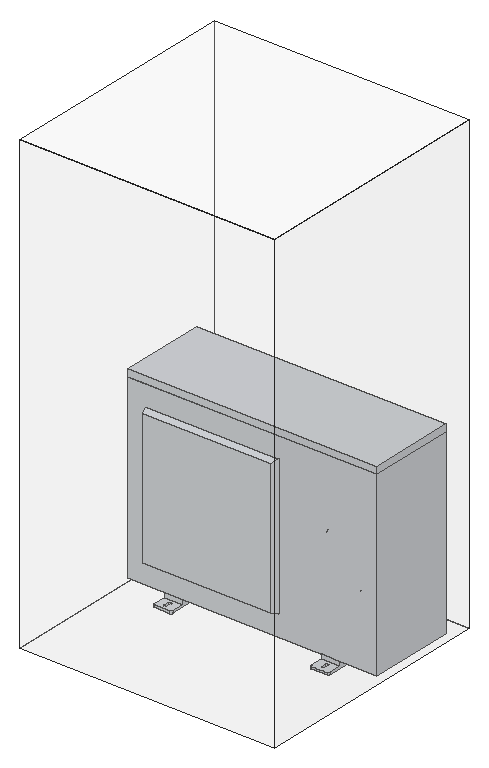
Revit family "puzg-mp3_10m_2_50hz", category 機械設備, Revit 2019
Family settings
  丸型コネクタ寸法 = 直径を使用
  パーツ タイプ = 標準
  OmniClass 番号 = 23.75.10.24.21.27.27
  OmniClass タイトル = Split System Air Conditioning Units
  作業面ベース = いいえ
  常に垂直 = はい
  ロード時にボイドで切り取り = いいえ
  共有 = いいえ
  部屋計算ポイント = いいえ
Parameters (values of type "室外機_PUG-MP3MHA2")
  音響パワーレベル（暖）(dB) = 0
  音響パワーレベル（冷）(dB) = 68
  電源種別 = ""
  電源位置Y = 2 mm
  電源位置Z = 459 mm
  電源位置X = 275 mm
  電圧 = 200 V
  電動機出力_送風機 = 0.15 kW
  電動機出力_圧縮機 = 2 kW
  集中コントローラ [instance] = ""
  運転質量 = 0.00 kg
  運転方法 = "冷房専用"
  質量 = if(製品質量 > 運転質量, 製品質量, 運転質量) * 1.2  # 70.80 kg
  負荷分類 = 1_熱源類
  説明 = "空冷H/P PAC インバータ室外機"
  設計暖房能力 [instance] = 0 kW
  設計冷房能力_顕熱 [instance] = 0 kW
  設計冷房能力 [instance] = 0 kW
  設置方法 = "床置形"
  記号 [instance] = ""
  製造元 = "三菱電機株式会社"
  製品質量 = 59.00 kg
  製品出荷対象 = "国内"
  製品リリース年月 = ""
  製品グループ = ""
  系統 [instance] = ""
  符号 = "PAC"
  積算_科目 = "1 空気調和設備"
  積算_拾い区分 [instance] = ""
  相 = 3
  盤記号 [instance] = ""
  発停方法 = "付属スイッチ"
  特殊仕様 [instance] = ""
  消費電力_暖房 = 0 kW
  消費電力_冷房 = 0 kW
  消費電力 = if(消費電力_冷房 > 消費電力_暖房, 消費電力_冷房, 消費電力_暖房)  # 0 kW
  法定耐用年数 = "6"
  構成品番 = "PUG-MP3MHA2"
  極数 = 3
  材質 [instance] = ""
  本体マテリアル = none
  最小電線太さ_mm2 = 1.6
  最大電流値 = 15 A
  暖房能力 = 0 kW
  推奨ブレーカー容量 = 20 A
  据付ピッチ1 = 0 mm
  形式 = "パッケージ形 室外機"
  形名 = PUZG-MP3MHA2 : PUZG-MP3MHA2
  幹線記号 [instance] = ""
  始動方式 = "インバータ始動方式"
  呼称 = "パッケージ形空気調和機_室外機"
  周波数 = 50 Hz
  価格 = 0
  ドレン　位置Z = 23 mm
  ドレン　位置Y = 111 mm
  ドレン　位置X = 30 mm
  アンカーボルト位置Y = 370 mm
  アンカーボルト位置X = 600 mm
  参照している仕様書等のバージョン = "公共建築物標準仕様書（機械設備工事編）平成31年度版"
  分類コード = "50053003126100"
  分類グループ = ""
  冷房能力 = 8 kW
  冷媒管（ガス）位置X = 434 mm
  冷媒管（液）位置X = 377 mm
  冷媒管（液）位置Y = 290 mm
  冷媒管（ガス）位置Y = 269 mm
  冷媒管長 [instance] = 0 mm
  冷媒管径符号 = "Bd"
  冷媒管径 = 100.00 mm
  冷媒管位置Z = 295 mm
  冷媒管位置Y = (冷媒管（液）位置Y + 冷媒管（ガス）位置Y) / 2  # 279.5 mm
  冷媒管位置X = (冷媒管（液）位置X + 冷媒管（ガス）位置X) / 2  # 405.5 mm
  冷媒液管径 = 9.52 mm
  冷媒ガス管径 = 15.88 mm
  企業コード = "108420"
  付属品 [instance] = ""
  仕様書バージョン = "Version1.0"
  ユニット数 = 1
  ユニット3 = yes
  ユニット2 = yes
  Model = ""
  ドレン管径 = 33.00 mm
  サービススペース = yes
  コメント [instance] = ""
  ケーブル種類1 = ""
  【値が 0 の項目は組合せ形名にてご確認ください】 = ""
  Width = 950 mm
  Version = ""
  Uniclass2015Version = "Systems v1.9"
  Uniclass2015Title = "Split coil remote air cooled condensing units"
  Uniclass2015Code = "Pr_70_65_03_84"
  URL = "https://www.mitsubishielectric.co.jp/ldg/wink/ssl/displayProduct.do?pid=311534&ccd=2020103123"
  SpecificationReference = ""
  SpecificationDescription = ""
  Revision = ""
  ProductInformation = ""
  OmniClassCode = "23-33 17 13 11"
  IfcTypeProduct = ""
  IfcProduct = ""
  IfcExportType = "AIRCONDITIONINGUNIT"
  IfcExportAs = "IfcUnitaryEquipmentType"
  Height = 740 mm
  Depth = 330 mm
  Clearance Top = 1000 mm
  Clearance Right = 10 mm
  Clearance Left = 10 mm
  Clearance Front = 500 mm
  Clearance Bottom = 0 mm
  Clearance Back = 100 mm
  COP = 0
  Author = "三菱電機株式会社"
  APF = 0
Reference planes
  plane 1 "中心(正面/背面)": y = 74
  plane 2: z = 0
  plane 3 "中心(左/右)": x = 830
  plane 4 "右": x = 1305
  plane 5 "左": x = 355
  plane 6 "背面": y = 239
  plane 7 "正面": y = -91
  plane 8 "上部": z = 740
  plane 9 "Clearanse Top": z = 1740
  plane 10 "SS_back": y = 339
  plane 11 "SS_front": y = -591
  plane 12 "SS_left": x = 345
  plane 13 "SS_right": x = 1315
  plane 14: z = 0
  plane 15: y = -89
  plane 16: x = 1105
  plane 17: z = 459
  plane 18: y = -87
  plane 19: y = -40.5
  plane 20: x = 1235.5
  plane 21: z = 295
  plane 22: z = 297
  plane 23: y = 128
  plane 24: x = 385
  plane 25: z = 25
  plane 26: z = 23
  plane 27: x = 530
  plane 28: x = 1130
  plane 29: y = 259
  plane 30: y = -111
Forms (mm)
  Extrusion 1, solid, detail levels fine
    sketch origin (0, -91, 0) x (1, 0, 0) y (0, 0, 1)
      loop
        circle (1105, 459) r 13.5
    from -4 to -2
  Extrusion 2, solid, detail levels fine
    sketch origin (-1437.329, -1524, 54) x (-1, 0, 0) y (0, -1, 0)
      loop
        circle (-2672.829, -1483.5) r 50
    from 241 to 243
Lines and regions (mm)
  model lines, not visible
    curve 1: line (460, 178.667, 1289.179) -> (460, 297.73, 1289.179)
    curve 2: line (460, 178.667, 1056.056) -> (460, 178.667, 1289.179)
    curve 3: line (460, 297.73, 1056.056) -> (460, 178.667, 1056.056)
    curve 4: line (460, 297.73, 1289.179) -> (460, 297.73, 1056.056)
    curve 5: line (460, 47.598, 1289.179) -> (460, 166.661, 1289.179)
    curve 6: line (460, 47.598, 1056.056) -> (460, 47.598, 1289.179)
    curve 7: line (460, 166.661, 1056.056) -> (460, 47.598, 1056.056)
    curve 8: line (460, 166.661, 1289.179) -> (460, 166.661, 1056.056)
    curve 9: line (460, -83.471, 1289.179) -> (460, 35.592, 1289.179)
    curve 10: line (460, -83.471, 1056.056) -> (460, -83.471, 1289.179)
    curve 11: line (460, 35.592, 1056.056) -> (460, -83.471, 1056.056)
    curve 12: line (460, 35.592, 1289.179) -> (460, 35.592, 1056.056)
    curve 13: line (460, -150.779, 1289.179) -> (460, -95.75, 1289.179)
    curve 14: line (460, -150.779, 1056.056) -> (460, -150.779, 1289.179)
    curve 15: line (460, -95.75, 1056.056) -> (460, -150.779, 1056.056)
    curve 16: line (460, -95.75, 1289.179) -> (460, -95.75, 1056.056)
    curve 17: line (460, -150.779, 1283.175) -> (460, -132.596, 1283.175)
    curve 18: line (460, -150.779, 1062.059) -> (460, -150.779, 1283.175)
    curve 19: line (460, -132.596, 1062.059) -> (460, -150.779, 1062.059)
    curve 20: line (460, -132.596, 1283.175) -> (460, -132.596, 1062.059)
    curve 21: line (460, 178.667, 1046.051) -> (460, 297.73, 1046.051)
    curve 22: line (460, 178.667, 812.928) -> (460, 178.667, 1046.051)
    curve 23: line (460, 297.73, 812.928) -> (460, 178.667, 812.928)
    curve 24: line (460, 297.73, 1046.051) -> (460, 297.73, 812.928)
    curve 25: line (460, 47.598, 1046.051) -> (460, 166.661, 1046.051)
    curve 26: line (460, 47.598, 812.928) -> (460, 47.598, 1046.051)
    curve 27: line (460, 166.661, 812.928) -> (460, 47.598, 812.928)
    curve 28: line (460, 166.661, 1046.051) -> (460, 166.661, 812.928)
    curve 29: line (460, -83.471, 1046.051) -> (460, 35.592, 1046.051)
    curve 30: line (460, -83.471, 812.928) -> (460, -83.471, 1046.051)
    curve 31: line (460, 35.592, 812.928) -> (460, -83.471, 812.928)
    curve 32: line (460, 35.592, 1046.051) -> (460, 35.592, 812.928)
    curve 33: line (460, -150.779, 1046.051) -> (460, -95.75, 1046.051)
    curve 34: line (460, -150.779, 812.928) -> (460, -150.779, 1046.051)
    curve 35: line (460, -95.75, 812.928) -> (460, -150.779, 812.928)
    curve 36: line (460, -95.75, 1046.051) -> (460, -95.75, 812.928)
    curve 37: line (460, -150.779, 1040.048) -> (460, -132.596, 1040.048)
    curve 38: line (460, -150.779, 818.931) -> (460, -150.779, 1040.048)
    curve 39: line (460, -132.596, 818.931) -> (460, -150.779, 818.931)
    curve 40: line (460, -132.596, 1040.048) -> (460, -132.596, 818.931)
    curve 41: line (460, 178.667, 802.923) -> (460, 297.73, 802.923)
    curve 42: line (460, 178.667, 569.8) -> (460, 178.667, 802.923)
    curve 43: line (460, 297.73, 569.8) -> (460, 178.667, 569.8)
    curve 44: line (460, 297.73, 802.923) -> (460, 297.73, 569.8)
    curve 45: line (460, 47.598, 802.923) -> (460, 166.661, 802.923)
    curve 46: line (460, 47.598, 569.8) -> (460, 47.598, 802.923)
    curve 47: line (460, 166.661, 569.8) -> (460, 47.598, 569.8)
    curve 48: line (460, 166.661, 802.923) -> (460, 166.661, 569.8)
    curve 49: line (460, -83.471, 802.923) -> (460, 35.592, 802.923)
    curve 50: line (460, -83.471, 569.8) -> (460, -83.471, 802.923)
    curve 51: line (460, 35.592, 569.8) -> (460, -83.471, 569.8)
    curve 52: line (460, 35.592, 802.923) -> (460, 35.592, 569.8)
    curve 53: line (460, -150.779, 802.923) -> (460, -95.75, 802.923)
    curve 54: line (460, -150.779, 569.8) -> (460, -150.779, 802.923)
    curve 55: line (460, -95.75, 569.8) -> (460, -150.779, 569.8)
    curve 56: line (460, -95.75, 802.923) -> (460, -95.75, 569.8)
    curve 57: line (460, -150.779, 796.92) -> (460, -132.596, 796.92)
    curve 58: line (460, -150.779, 575.803) -> (460, -150.779, 796.92)
    curve 59: line (460, -132.596, 575.803) -> (460, -150.779, 575.803)
    curve 60: line (460, -132.596, 796.92) -> (460, -132.596, 575.803)
    curve 61: line (460, 178.667, 559.795) -> (460, 297.73, 559.795)
    curve 62: line (460, 178.667, 326.672) -> (460, 178.667, 559.795)
    curve 63: line (460, 297.73, 326.672) -> (460, 178.667, 326.672)
    curve 64: line (460, 297.73, 559.795) -> (460, 297.73, 326.672)
    curve 65: line (460, 47.598, 559.795) -> (460, 166.661, 559.795)
    curve 66: line (460, 47.598, 326.672) -> (460, 47.598, 559.795)
    curve 67: line (460, 166.661, 326.672) -> (460, 47.598, 326.672)
    curve 68: line (460, 166.661, 559.795) -> (460, 166.661, 326.672)
    curve 69: line (460, -83.471, 559.795) -> (460, 35.592, 559.795)
    curve 70: line (460, -83.471, 326.672) -> (460, -83.471, 559.795)
    curve 71: line (460, 35.592, 326.672) -> (460, -83.471, 326.672)
    curve 72: line (460, 35.592, 559.795) -> (460, 35.592, 326.672)
    curve 73: line (460, -150.779, 559.795) -> (460, -95.75, 559.795)
    curve 74: line (460, -150.779, 326.672) -> (460, -150.779, 559.795)
    curve 75: line (460, -95.75, 326.672) -> (460, -150.779, 326.672)
    curve 76: line (460, -95.75, 559.795) -> (460, -95.75, 326.672)
    curve 77: line (460, -150.779, 553.792) -> (460, -132.596, 553.792)
    curve 78: line (460, -150.779, 332.675) -> (460, -150.779, 553.792)
    curve 79: line (460, -132.596, 332.675) -> (460, -150.779, 332.675)
    curve 80: line (460, -132.596, 553.792) -> (460, -132.596, 332.675)
    curve 81: line (460, 178.667, 316.667) -> (460, 297.73, 316.667)
    curve 82: line (460, 178.667, 83.544) -> (460, 178.667, 316.667)
    curve 83: line (460, 297.73, 83.544) -> (460, 178.667, 83.544)
    curve 84: line (460, 297.73, 316.667) -> (460, 297.73, 83.544)
    curve 85: line (460, 47.598, 316.667) -> (460, 166.661, 316.667)
    curve 86: line (460, 47.598, 83.544) -> (460, 47.598, 316.667)
    curve 87: line (460, 166.661, 83.544) -> (460, 47.598, 83.544)
    curve 88: line (460, 166.661, 316.667) -> (460, 166.661, 83.544)
    curve 89: line (460, -83.471, 316.667) -> (460, 35.592, 316.667)
    curve 90: line (460, -83.471, 83.544) -> (460, -83.471, 316.667)
    curve 91: line (460, 35.592, 83.544) -> (460, -83.471, 83.544)
    curve 92: line (460, 35.592, 316.667) -> (460, 35.592, 83.544)
    curve 93: line (460, -150.779, 316.667) -> (460, -95.75, 316.667)
    curve 94: line (460, -150.779, 83.544) -> (460, -150.779, 316.667)
    curve 95: line (460, -95.75, 83.544) -> (460, -150.779, 83.544)
    curve 96: line (460, -95.75, 316.667) -> (460, -95.75, 83.544)
    curve 97: line (460, -150.779, 310.664) -> (460, -132.596, 310.664)
    curve 98: line (460, -150.779, 89.547) -> (460, -150.779, 310.664)
    curve 99: line (460, -132.596, 89.547) -> (460, -150.779, 89.547)
    curve 100: line (460, -132.596, 310.664) -> (460, -132.596, 89.547)
Dimensions and locks
  equal spacing: plane 7 "正面", plane 1 "中心(正面/背面)", plane 6 "背面"
  "Depth": plane 7 "正面" to plane 6 "背面"
  equal spacing: plane 5 "左", plane 3 "中心(左/右)", plane 4 "右"
  "Clearance Left": plane 12 "SS_left" to plane 5 "左"
  "Clearance Right": plane 4 "右" to plane 13 "SS_right"
  "Clearance Back": plane 6 "背面" to plane 10 "SS_back"
  "Clearance Front": plane 11 "SS_front" to plane 7 "正面"
  "Height": plane 8 "上部" to level
  "Clearance Top": plane 9 "Clearanse Top" to plane 8 "上部"
  "Clearance Bottom": level to plane 14
  "電源位置X": plane 3 "中心(左/右)" to plane 16
  "電源位置Y": plane 7 "正面" to plane 15
  "電源位置Z": plane 17 to level
  locked: plane 15 to plane 18 at 2
  "冷媒管位置X": plane 3 "中心(左/右)" to plane 20
  "冷媒管位置Y": plane 19 to plane 6 "背面"
  "冷媒管位置Z": plane 21 to level
  locked: plane 22 to plane 21 at 2
  "ドレン　位置X": plane 5 "左" to plane 24
  "ドレン　位置Y": plane 23 to plane 6 "背面"
  locked: plane 25 to plane 26 at 2
  "ドレン　位置Z": plane 26 to level
  equal spacing: plane 30, plane 1 "中心(正面/背面)", plane 29
  "アンカーボルト位置Y": plane 30 to plane 29
  equal spacing: plane 27, plane 3 "中心(左/右)", plane 28
  "アンカーボルト位置X": plane 27 to plane 28
  "Width": plane 4 "右" to plane 5 "左"
  plane 17 to level = 459 mm
  Extrusion 2 to level = 295 mm
  radius of Extrusion 1 sketch curve = 13.5 mm
  "冷媒管径": diameter of Extrusion 2 sketch curve
  aligned and locked: level to plane 2
  aligned and locked: plane 10 "SS_back" to nested 1  (x2)
  aligned and locked: plane 13 "SS_right" to nested 1
  aligned and locked: plane 12 "SS_left" to nested 1  (x2)
  aligned and locked: nested 1 to plane 13 "SS_right"
  aligned and locked: plane 11 "SS_front" to nested 1
  aligned and locked: plane 9 "Clearanse Top" to nested 1
  aligned and locked: plane 1 "中心(正面/背面)" to nested 2
  aligned and locked: plane 3 "中心(左/右)" to nested 2
  aligned and locked: plane 14 to nested 1
  aligned and locked: plane 17 to Extrusion 1 sketch curve
  aligned and locked: plane 16 to Extrusion 1 sketch curve
  aligned and locked: Extrusion 1 to plane 18
  aligned and locked: plane 15 to Extrusion 1
  aligned and locked: plane 19 to Extrusion 2 sketch curve
  aligned and locked: plane 20 to Extrusion 2 sketch curve
  aligned and locked: plane 22 to Extrusion 2
  aligned and locked: Extrusion 2 to plane 21
  aligned and locked: plane 27 to nested 3
  aligned and locked: plane 29 to nested 3
Nested families
  nested 1: "サービススペース" at (830, -126, 870), visible <- "サービススペース", type "サービススペース"
    with Width 970 mm, Height 1740 mm, Depth 930 mm
  nested 2: "PUZG-MP3MHA2" at (830, 74, 0), type <- "形名", type "PUZG-MP3MHA2"
  nested 3: "固定点" at (530, -111, 0), type "固定点"
    with W 600 mm, D 370 mm
Connectors
  piping at (1235.5, -40.5, 295), diameter 100, driven by "冷媒管径", driven by "冷媒管径符号"
    settings: on Extrusion 2, index 1, connector inside diameter 609.60 mm, connector length 0 mm, flow factor 0, pipe flow 0.0 L/s, pressure drop 0.0 Pa, fitting loss kfactor 0, connector angle 0.00°, fixture units 0, engagement length 0 mm, angle of deflection 0.00°, flow configuration 1, flow direction 2, fitting loss method 4, system type 7, joint type 0, gender type 0, connector reference index -1, connector utility 0, adjustable connector no, is connector primary yes, connector description "Bd"
  electrical at (1105, -89, 459), driven by "極数", driven by "負荷分類", driven by "電圧", driven by "消費電力"
    settings: on Extrusion 1, index 2, voltage 200 V, apparent load 0 VA, apparent load phase1 0 VA, apparent load phase2 0 VA, apparent load phase3 0 VA, power factor 1, load classification "1_熱源類", number of poles 3, system type 30, power factor state 1, is connector primary yes, connector utility no, sub classification motor no, connector description ""
Definition of nested family "サービススペース"
  Parameters (values of type "サービススペース")
    Width [instance] = 500 mm
    Height [instance] = 500 mm
    Depth [instance] = 500 mm
  Reference planes
    plane 1 "中心(正面/背面)": y = 0
    plane 2: z = 0
    plane 3 "中心(左/右)": x = 0
    plane 4: y = -250
    plane 5: x = 250
    plane 6: y = 250
    plane 7: x = -250
    plane 8: z = 250
    plane 9: z = -250
  Forms (mm)
    Extrusion 1, solid
      sketch origin (-638.939, 0, 72.39) x (1, 0, 0) y (0, 1, 0)
        loop
          line (388.939, 250) -> (388.939, -250) -> (888.939, -250) -> (888.939, 250) -> (388.939, 250)
      from -322.39 to 177.61
  Lines and regions (mm)
    symbolic lines
      curve 1: line (-250, 0, 250) -> (250, 0, 250)
      curve 2: line (-250, 0, -250) -> (-250, 0, 250)
      curve 3: line (250, 0, -250) -> (-250, 0, -250)
      curve 4: line (250, 0, 250) -> (250, 0, -250)
      curve 5: line (0, -250, 250) -> (0, 250, 250)
      curve 6: line (0, -250, -250) -> (0, -250, 250)
      curve 7: line (0, 250, -250) -> (0, -250, -250)
      curve 8: line (0, 250, 250) -> (0, 250, -250)
      curve 9: line (-250, 250, 0) -> (250, 250, 0)
      curve 10: line (-250, -250, 0) -> (-250, 250, 0)
      curve 11: line (250, -250, 0) -> (-250, -250, 0)
      curve 12: line (250, 250, 0) -> (250, -250, 0)
  Dimensions and locks
    equal spacing: plane 7, plane 3 "中心(左/右)", plane 5
    equal spacing: plane 4, plane 1 "中心(正面/背面)", plane 6
    "Depth": plane 4 to plane 6
    "Width": plane 7 to plane 5
    equal spacing: plane 8, plane 2, plane 9
    "Height": plane 8 to plane 9
    aligned and locked: plane 9 to curve 3
    aligned and locked: plane 7 to curve 2
    aligned and locked: curve 4 to plane 5
    aligned and locked: plane 5 to Extrusion 1
    aligned and locked: Extrusion 1 to plane 7
    aligned and locked: Extrusion 1 to plane 9
    aligned and locked: plane 8 to Extrusion 1
    aligned and locked: plane 9 to curve 7
  Automatic sketch dimensions
    plane 4 to Extrusion 1 sketch curve = 0 mm
    Extrusion 1 sketch curve to plane 7 = 0 mm
    Extrusion 1 sketch curve to plane 5 = 0 mm
    plane 6 to Extrusion 1 sketch curve = 0 mm
    curve 2 to plane 8 = 0 mm
    plane 4 to curve 11 = 0 mm
    curve 11 to plane 7 = 0 mm
    curve 11 to plane 5 = 0 mm
    plane 6 to curve 10 = 0 mm
    curve 7 to plane 4 = 0 mm
    curve 7 to plane 6 = 0 mm
    curve 6 to plane 8 = 0 mm
Definition of nested family "PUZG-MP3MHA2"
  Parameters (values of type "PUZG-MP3MHA2")
    配線取出口サイズ = 27 mm
    配線取出口-Z = 459 mm
    配線取出口-Y = 325 mm
    配線取出口-X = 275 mm
    液配管サイズ = 100 mm
    高さ = 740 mm
    換気-W = 322 mm
    換気-H2 = 632 mm
    換気-H1 = 371 mm
    換気-D = 25 mm
    奥行き = 330 mm
    吊りボルト_H = 0 mm
    吊りボルト-φ = 12 mm
    冷媒配管サイズ = 9.52 mm
    冷媒液管径-Z = 295 mm
    冷媒液管径-Y = 290 mm
    冷媒液管径-X = 377 mm
    冷媒ガス管径-Z = 281 mm
    冷媒ガス管径-Y = 269 mm
    冷媒ガス管径-X = 434 mm
    吊りボルト-W = 600 mm
    マテリアル = none
    ドレン配管サイズ = 33 mm
    ドレン管径-Z = 0 mm
    ドレン管径-Y = 219 mm
    ドレン管径-X = 445 mm
    タイプ3 = no
    タイプ2 = yes
    タイプ1 = no
    ガス配管サイズ = 15.88 mm
    吊りボルト-D = 370 mm
    幅さ = 950 mm
    a = 幅さ / 2  # 475 mm
  Reference planes
    plane 1 "中心(正面/背面)": y = 0
    plane 2: z = 0
    plane 3 "中心(左/右)": x = 0
    plane 4: z = 740
    plane 5: x = -475
    plane 6: x = 475
    plane 7: y = 165
    plane 8: y = -165
    plane 9: x = 537
    plane 10: y = -105
    plane 11: y = 5
    plane 12: z = 715
    plane 13: x = -495
    plane 14: x = -300
    plane 15: x = 300
    plane 16: y = 185
    plane 17: y = -185
    plane 18: x = 335
    plane 19: x = 265
    plane 20: x = -265
    plane 21: x = -335
    plane 22: y = 204
    plane 23: y = -218
    plane 24: z = 8.5
    plane 25: z = 25
    plane 26: z = 23
    plane 27: x = -185
    plane 28: x = 170
    plane 29: z = 735
    plane 30: y = -40
    plane 31: y = 40
    plane 32: y = -30
    plane 33: y = 30
    plane 34: z = 720
    plane 35: z = 55
    plane 36: z = 225
    plane 37: z = 570
    plane 38: x = 485
    plane 39: x = 506
    plane 40: y = -190
    plane 41: x = -153
    plane 42: z = 371
    plane 43: x = 101
    plane 44: x = -407
    plane 45: z = 635
    plane 46: z = 107
    plane 47: x = -397
    plane 48: x = 91
    plane 49: z = 625
    plane 50: z = 117
    plane 51: y = 115
    plane 52: y = -115
    plane 53: y = 54
    plane 54: x = 434
    plane 55: x = 275
    plane 56: y = -160
    plane 57: y = -125
    plane 58: y = -104
    plane 59: x = 377
    plane 60: z = 281
    plane 61: z = 295
    plane 62: z = 459
    plane 63: y = -110
    plane 64: z = 381
    plane 65: z = 395
    plane 66: x = 405.5
    plane 67: y = -114.5
    plane 68 "グループ": x = -475
    plane 69: z = 1338
    plane 70: z = 943
    plane 71: z = 1003
    plane 72: z = 1267
    plane 73: z = 739
    plane 74: z = 1257
    plane 75: z = 749
    plane 76: x = -445
    plane 77: y = 135
    plane 78: x = -225
    plane 79: x = -80
    plane 80: x = 65
    plane 81: x = 210
  Forms (mm)
    Extrusion 1, solid, visible <- "タイプ2", detail levels fine
      sketch origin (-1437.329, -1524, 740) x (-1, 0, 0) y (0, -1, 0)
        loop
          line (-1102.329, -1689) -> (-1102.329, -1359) -> (-1172.329, -1359) -> (-1172.329, -1689) -> (-1102.329, -1689)
        loop
          line (-1702.329, -1689) -> (-1702.329, -1359) -> (-1772.329, -1359) -> (-1772.329, -1689) -> (-1702.329, -1689)
      from -740 to -715
    Extrusion 2, solid, material <- "マテリアル", visible <- "タイプ2", detail levels fine
      sketch origin (-1437.329, -1524, 740) x (-1, 0, 0) y (0, -1, 0)
        loop
          line (-1912.329, -1689) -> (-962.329, -1689) -> (-962.329, -1359) -> (-1912.329, -1359) -> (-1912.329, -1689)
      from -715 to -25
    Extrusion 3, solid, material <- "マテリアル", visible <- "タイプ2", detail levels fine
      sketch origin (-1437.329, -1524, 740) x (-1, 0, 0) y (0, -1, 0)
        loop
          line (-962.329, -1689) -> (-962.329, -1359) -> (-1912.329, -1359) -> (-1912.329, -1689) -> (-962.329, -1689)
      from -25 to 0
    Blend 4, solid, material <- "マテリアル", visible <- "タイプ2", detail levels fine
      base sketch origin (0, 0, 0) x (1, 0, 0) y (0, 0, 1)
        loop
          line (-407, 635) -> (-407, 107) -> (101, 107) -> (101, 635) -> (-407, 635)
      top sketch origin (0, 0, 0) x (1, 0, 0) y (0, 0, 1)
        loop
          line (-397, 625) -> (-397, 117) -> (91, 117) -> (91, 625) -> (-397, 625)
      from 165 to 190
    Extrusion 5, solid, material <- "マテリアル", visible <- "タイプ2", detail levels fine
      sketch origin (-1437.329, -1524, 740) x (-1, 0, 0) y (0, -1, 0)
        loop
          circle (-1871.329, -1420) r 7.94
      from -459 to -359
    Extrusion 6, solid, material <- "マテリアル", visible <- "タイプ2", detail levels fine
      sketch origin (-1437.329, -1524, 740) x (-1, 0, 0) y (0, -1, 0)
        loop
          circle (-1814.329, -1399) r 4.76
      from -445 to -345
    Extrusion 7, solid, material <- "マテリアル", visible <- "タイプ2", detail levels fine
      sketch origin (1480.036, -190, 1200) x (1, 0, 0) y (0, 0, 1)
        loop
          circle (-1205.036, -741) r 13.5
      from -80 to -30
    Extrusion 8, solid, material <- "マテリアル", visible <- "タイプ2", detail levels fine
      sketch origin (-1437.329, -1524, 740) x (-1, 0, 0) y (0, -1, 0)
        loop
          circle (-1842.829, -1409.5) r 50
      from -445 to -345
    Extrusion 9, solid, visible <- "タイプ2", detail levels fine
      sketch origin (-1437.329, -1524, 740) x (-1, 0, 0) y (0, -1, 0)
        loop
          line (-1102.329, -1728) -> (-1102.329, -1689) -> (-1172.329, -1689) -> (-1172.329, -1728) -> (-1143.329, -1728) -> (-1143.329, -1709)
          arc (-1143.329, -1709) -> (-1137.329, -1703) -> (-1131.329, -1709) r 6
          line (-1131.329, -1709) -> (-1131.329, -1728) -> (-1102.329, -1728)
        loop
          line (-1102.329, -1359) -> (-1102.329, -1311)
          arc (-1102.329, -1311) -> (-1103.794, -1307.464) -> (-1107.329, -1306) r 5
          line (-1107.329, -1306) -> (-1167.329, -1306)
          arc (-1167.329, -1306) -> (-1170.865, -1307.464) -> (-1172.329, -1311) r 5
          line (-1172.329, -1311) -> (-1172.329, -1359) -> (-1102.329, -1359)
        loop
          arc (-1143.329, -1339) -> (-1137.329, -1345) -> (-1131.329, -1339) r 6
          line (-1131.329, -1339) -> (-1131.329, -1324)
          arc (-1131.329, -1324) -> (-1137.329, -1318) -> (-1143.329, -1324) r 6
          line (-1143.329, -1324) -> (-1143.329, -1339)
        loop
          line (-1772.329, -1728) -> (-1743.329, -1728) -> (-1743.329, -1709)
          arc (-1743.329, -1709) -> (-1737.329, -1703) -> (-1731.329, -1709) r 6
          line (-1731.329, -1709) -> (-1731.329, -1728) -> (-1702.329, -1728) -> (-1702.329, -1689) -> (-1772.329, -1689) -> (-1772.329, -1728)
        loop
          line (-1772.329, -1359) -> (-1702.329, -1359) -> (-1702.329, -1311)
          arc (-1702.329, -1311) -> (-1703.794, -1307.464) -> (-1707.329, -1306) r 5
          line (-1707.329, -1306) -> (-1767.329, -1306)
          arc (-1767.329, -1306) -> (-1770.865, -1307.464) -> (-1772.329, -1311) r 5
          line (-1772.329, -1311) -> (-1772.329, -1359)
        loop
          line (-1731.329, -1339) -> (-1731.329, -1324)
          arc (-1731.329, -1324) -> (-1737.329, -1318) -> (-1743.329, -1324) r 6
          line (-1743.329, -1324) -> (-1743.329, -1339)
          arc (-1743.329, -1339) -> (-1737.329, -1345) -> (-1731.329, -1339) r 6
      from -740 to -731.5
    Extrusion 10, solid, material <- "マテリアル", visible <- "タイプ2", detail levels fine
      sketch origin (-1437.329, -1524, 740) x (-1, 0, 0) y (0, -1, 0)
        loop
          circle (-992.329, -1578) r 16.5
        loop
          circle (-1212.329, -1659) r 16.5
        loop
          circle (-1357.329, -1659) r 16.5
        loop
          circle (-1502.329, -1659) r 16.5
        loop
          circle (-1647.329, -1659) r 16.5
      from -717 to -715
  Cuts and joins
    joined: Extrusion 1, Extrusion 9
  Lines and regions (mm)
    Masking region 1, visible <- "タイプ2", detail levels coarse+medium
      outline origin (-1437.329, -1524, 740) x (-1, 0, 0) y (0, -1, 0)
        loop
          line (-1912.329, -1689) -> (-1772.329, -1689) -> (-1772.329, -1728) -> (-1702.329, -1728) -> (-1702.329, -1689) -> (-1172.329, -1689) -> (-1172.329, -1728) -> (-1102.329, -1728) -> (-1102.329, -1689) -> (-962.329, -1689) -> (-962.329, -1359) -> (-1030.329, -1359) -> (-1040.329, -1334) -> (-1102.329, -1334) -> (-1102.329, -1306) -> (-1172.329, -1306) -> (-1172.329, -1334) -> (-1528.329, -1334) -> (-1538.329, -1359) -> (-1702.329, -1359) -> (-1702.329, -1306) -> (-1772.329, -1306) -> (-1772.329, -1359) -> (-1912.329, -1359) -> (-1912.329, -1689)
    model lines, visible <- "タイプ2", detail levels fine
      curve 1: line (-397, -190, 418.5) -> (91, -190, 418.5)
      curve 2: line (91, -190, 323.5) -> (-397, -190, 323.5)
      curve 3: line (-397, -190, 513.5) -> (91, -190, 513.5)
      curve 4: line (-397, -190, 608.5) -> (91, -190, 608.5)
      curve 5: line (91, -190, 228.5) -> (-397, -190, 228.5)
      curve 6: line (91, -190, 133.5) -> (-397, -190, 133.5)
      curve 7: line (-379.571, -190, 625) -> (-379.571, -190, 117)
      curve 8: line (73.571, -190, 117) -> (73.571, -190, 625)
      curve 9: line (-362.143, -190, 625) -> (-362.143, -190, 117)
      curve 10: line (-344.714, -190, 625) -> (-344.714, -190, 117)
      curve 11: line (-327.286, -190, 625) -> (-327.286, -190, 117)
      curve 12: line (-309.857, -190, 625) -> (-309.857, -190, 117)
      curve 13: line (-292.429, -190, 625) -> (-292.429, -190, 117)
      curve 14: line (-275, -190, 625) -> (-275, -190, 117)
      curve 15: line (-257.571, -190, 625) -> (-257.571, -190, 117)
      curve 16: line (-240.143, -190, 625) -> (-240.143, -190, 117)
      curve 17: line (-222.714, -190, 625) -> (-222.714, -190, 117)
      curve 18: line (-205.286, -190, 625) -> (-205.286, -190, 117)
      curve 19: line (-187.857, -190, 625) -> (-187.857, -190, 117)
      curve 20: line (-170.429, -190, 625) -> (-170.429, -190, 117)
      curve 21: line (-153, -190, 625) -> (-153, -190, 117)
      curve 22: line (-135.571, -190, 625) -> (-135.571, -190, 117)
      curve 23: line (-118.143, -190, 625) -> (-118.143, -190, 117)
      curve 24: line (-100.714, -190, 625) -> (-100.714, -190, 117)
      curve 25: line (-83.286, -190, 625) -> (-83.286, -190, 117)
      curve 26: line (-65.857, -190, 625) -> (-65.857, -190, 117)
      curve 27: line (-48.429, -190, 625) -> (-48.429, -190, 117)
      curve 28: line (-31, -190, 625) -> (-31, -190, 117)
      curve 29: line (-13.571, -190, 625) -> (-13.571, -190, 117)
      curve 30: line (3.857, -190, 625) -> (3.857, -190, 117)
      curve 31: line (21.286, -190, 625) -> (21.286, -190, 117)
      curve 32: line (38.714, -190, 625) -> (38.714, -190, 117)
      curve 33: line (56.143, -190, 625) -> (56.143, -190, 117)
      curve 34: line (-475, -100, 33.5) -> (-475, -60, 33.5)
      curve 35: line (-475, -100, 73.5) -> (-475, -100, 33.5)
      curve 36: line (-475, -60, 73.5) -> (-475, -100, 73.5)
      curve 37: line (-475, -60, 33.5) -> (-475, -60, 73.5)
      curve 38: line (-475, 60, 33.5) -> (-475, 100, 33.5)
      curve 39: line (-475, 60, 73.5) -> (-475, 60, 33.5)
      curve 40: line (-475, 100, 73.5) -> (-475, 60, 73.5)
      curve 41: line (-475, 100, 33.5) -> (-475, 100, 73.5)
      curve 42: line (-475, -46.667, 33.5) -> (-475, -6.667, 33.5)
      curve 43: line (-475, -46.667, 73.5) -> (-475, -46.667, 33.5)
      curve 44: line (-475, -6.667, 73.5) -> (-475, -46.667, 73.5)
      curve 45: line (-475, -6.667, 33.5) -> (-475, -6.667, 73.5)
      curve 46: line (-475, 6.667, 33.5) -> (-475, 46.667, 33.5)
      curve 47: line (-475, 6.667, 73.5) -> (-475, 6.667, 33.5)
      curve 48: line (-475, 46.667, 73.5) -> (-475, 6.667, 73.5)
      curve 49: line (-475, 46.667, 33.5) -> (-475, 46.667, 73.5)
      curve 50: line (-475, -100, 87) -> (-475, -60, 87)
      curve 51: line (-475, -100, 277) -> (-475, -100, 87)
      curve 52: line (-475, -60, 277) -> (-475, -100, 277)
      curve 53: line (-475, -60, 87) -> (-475, -60, 277)
      curve 54: line (-475, -100, 292) -> (-475, -60, 292)
      curve 55: line (-475, -100, 482) -> (-475, -100, 292)
      curve 56: line (-475, -60, 482) -> (-475, -100, 482)
      curve 57: line (-475, -60, 292) -> (-475, -60, 482)
      curve 58: line (-475, -100, 497) -> (-475, -60, 497)
      curve 59: line (-475, -100, 687) -> (-475, -100, 497)
      curve 60: line (-475, -60, 687) -> (-475, -100, 687)
      curve 61: line (-475, -60, 497) -> (-475, -60, 687)
      curve 62: line (-475, 60, 87) -> (-475, 100, 87)
      curve 63: line (-475, 60, 277) -> (-475, 60, 87)
      curve 64: line (-475, 100, 277) -> (-475, 60, 277)
      curve 65: line (-475, 100, 87) -> (-475, 100, 277)
      curve 66: line (-475, -46.667, 87) -> (-475, -6.667, 87)
      curve 67: line (-475, -46.667, 277) -> (-475, -46.667, 87)
      curve 68: line (-475, -6.667, 277) -> (-475, -46.667, 277)
      curve 69: line (-475, -6.667, 87) -> (-475, -6.667, 277)
      curve 70: line (-475, 6.667, 87) -> (-475, 46.667, 87)
      curve 71: line (-475, 6.667, 277) -> (-475, 6.667, 87)
      curve 72: line (-475, 46.667, 277) -> (-475, 6.667, 277)
      curve 73: line (-475, 46.667, 87) -> (-475, 46.667, 277)
      curve 74: line (-475, 60, 292) -> (-475, 100, 292)
      curve 75: line (-475, 60, 482) -> (-475, 60, 292)
      curve 76: line (-475, 100, 482) -> (-475, 60, 482)
      curve 77: line (-475, 100, 292) -> (-475, 100, 482)
      curve 78: line (-475, -46.667, 292) -> (-475, -6.667, 292)
      curve 79: line (-475, -46.667, 482) -> (-475, -46.667, 292)
      curve 80: line (-475, -6.667, 482) -> (-475, -46.667, 482)
      curve 81: line (-475, -6.667, 292) -> (-475, -6.667, 482)
      curve 82: line (-475, -46.667, 497) -> (-475, -6.667, 497)
      curve 83: line (-475, -46.667, 687) -> (-475, -46.667, 497)
      curve 84: line (-475, -6.667, 687) -> (-475, -46.667, 687)
      curve 85: line (-475, -6.667, 497) -> (-475, -6.667, 687)
      curve 86: line (-475, 6.667, 292) -> (-475, 46.667, 292)
      curve 87: line (-475, 6.667, 482) -> (-475, 6.667, 292)
      curve 88: line (-475, 46.667, 482) -> (-475, 6.667, 482)
      curve 89: line (-475, 46.667, 292) -> (-475, 46.667, 482)
      curve 90: line (-475, 6.667, 497) -> (-475, 46.667, 497)
      curve 91: line (-475, 6.667, 687) -> (-475, 6.667, 497)
      curve 92: line (-475, 46.667, 687) -> (-475, 6.667, 687)
      curve 93: line (-475, 46.667, 497) -> (-475, 46.667, 687)
    model lines, visible <- "タイプ3", not visible
      curve 94: line (-404.5, -100, 907) -> (-404.5, -60, 907)
      curve 95: line (-404.5, -100, 1097) -> (-404.5, -100, 907)
      curve 96: line (-404.5, -60, 1097) -> (-404.5, -100, 1097)
      curve 97: line (-404.5, -60, 907) -> (-404.5, -60, 1097)
      curve 98: line (-404.5, 60, 907) -> (-404.5, 100, 907)
      curve 99: line (-404.5, 60, 1097) -> (-404.5, 60, 907)
      curve 100: line (-404.5, 100, 1097) -> (-404.5, 60, 1097)
      curve 101: line (-404.5, 100, 907) -> (-404.5, 100, 1097)
      curve 102: line (-404.5, -46.667, 907) -> (-404.5, -6.667, 907)
      curve 103: line (-404.5, -46.667, 1097) -> (-404.5, -46.667, 907)
      curve 104: line (-404.5, -6.667, 1097) -> (-404.5, -46.667, 1097)
      curve 105: line (-404.5, -6.667, 907) -> (-404.5, -6.667, 1097)
      curve 106: line (-404.5, 6.667, 907) -> (-404.5, 46.667, 907)
      curve 107: line (-404.5, 6.667, 1097) -> (-404.5, 6.667, 907)
      curve 108: line (-404.5, 46.667, 1097) -> (-404.5, 6.667, 1097)
      curve 109: line (-404.5, 46.667, 907) -> (-404.5, 46.667, 1097)
      curve 110: line (-404.5, -100, 1112) -> (-404.5, -60, 1112)
      curve 111: line (-404.5, -100, 1302) -> (-404.5, -100, 1112)
      curve 112: line (-404.5, -60, 1302) -> (-404.5, -100, 1302)
      curve 113: line (-404.5, -60, 1112) -> (-404.5, -60, 1302)
      curve 114: line (-404.5, 60, 1112) -> (-404.5, 100, 1112)
      curve 115: line (-404.5, 60, 1302) -> (-404.5, 60, 1112)
      curve 116: line (-404.5, 100, 1302) -> (-404.5, 60, 1302)
      curve 117: line (-404.5, 100, 1112) -> (-404.5, 100, 1302)
      curve 118: line (-404.5, -46.667, 1112) -> (-404.5, -6.667, 1112)
      curve 119: line (-404.5, -46.667, 1302) -> (-404.5, -46.667, 1112)
      curve 120: line (-404.5, -6.667, 1302) -> (-404.5, -46.667, 1302)
      curve 121: line (-404.5, -6.667, 1112) -> (-404.5, -6.667, 1302)
      curve 122: line (-404.5, 6.667, 1112) -> (-404.5, 46.667, 1112)
      curve 123: line (-404.5, 6.667, 1302) -> (-404.5, 6.667, 1112)
      curve 124: line (-404.5, 46.667, 1302) -> (-404.5, 6.667, 1302)
      curve 125: line (-404.5, 46.667, 1112) -> (-404.5, 46.667, 1302)
    model lines, visible <- "タイプ2", not visible
      curve 126: line (-600, -100, 33.5) -> (-600, -60, 33.5)
      curve 127: line (-600, -100, 73.5) -> (-600, -100, 33.5)
      curve 128: line (-600, -60, 73.5) -> (-600, -100, 73.5)
      curve 129: line (-600, -60, 33.5) -> (-600, -60, 73.5)
      curve 130: line (-600, 60, 33.5) -> (-600, 100, 33.5)
      curve 131: line (-600, 60, 73.5) -> (-600, 60, 33.5)
      curve 132: line (-600, 100, 73.5) -> (-600, 60, 73.5)
      curve 133: line (-600, 100, 33.5) -> (-600, 100, 73.5)
      curve 134: line (-509, -46.667, 33.5) -> (-509, -6.667, 33.5)
      curve 135: line (-509, -46.667, 73.5) -> (-509, -46.667, 33.5)
      curve 136: line (-509, -6.667, 73.5) -> (-509, -46.667, 73.5)
      curve 137: line (-509, -6.667, 33.5) -> (-509, -6.667, 73.5)
      curve 138: line (-509, 6.667, 33.5) -> (-509, 46.667, 33.5)
      curve 139: line (-509, 6.667, 73.5) -> (-509, 6.667, 33.5)
      curve 140: line (-509, 46.667, 73.5) -> (-509, 6.667, 73.5)
      curve 141: line (-509, 46.667, 33.5) -> (-509, 46.667, 73.5)
    model lines, visible <- "タイプ2", not visible, detail levels fine
      curve 142: line (-475, -100, 87) -> (-475, -60, 87)
      curve 143: line (-475, -100, 277) -> (-475, -100, 87)
      curve 144: line (-475, -60, 277) -> (-475, -100, 277)
      curve 145: line (-475, -60, 87) -> (-475, -60, 277)
      curve 146: line (-475, -100, 292) -> (-475, -60, 292)
      curve 147: line (-475, -100, 482) -> (-475, -100, 292)
      curve 148: line (-475, -60, 482) -> (-475, -100, 482)
      curve 149: line (-475, -60, 292) -> (-475, -60, 482)
      curve 150: line (-475, -100, 497) -> (-475, -60, 497)
      curve 151: line (-475, -100, 687) -> (-475, -100, 497)
      curve 152: line (-475, -60, 687) -> (-475, -100, 687)
      curve 153: line (-475, -60, 497) -> (-475, -60, 687)
      curve 154: line (-475, 60, 87) -> (-475, 100, 87)
      curve 155: line (-475, 60, 277) -> (-475, 60, 87)
      curve 156: line (-475, 100, 277) -> (-475, 60, 277)
      curve 157: line (-475, 100, 87) -> (-475, 100, 277)
      curve 158: line (-475, -46.667, 87) -> (-475, -6.667, 87)
      curve 159: line (-475, -46.667, 277) -> (-475, -46.667, 87)
      curve 160: line (-475, -6.667, 277) -> (-475, -46.667, 277)
      curve 161: line (-475, -6.667, 87) -> (-475, -6.667, 277)
      curve 162: line (-475, 6.667, 87) -> (-475, 46.667, 87)
      curve 163: line (-475, 6.667, 277) -> (-475, 6.667, 87)
      curve 164: line (-475, 46.667, 277) -> (-475, 6.667, 277)
      curve 165: line (-475, 46.667, 87) -> (-475, 46.667, 277)
      curve 166: line (-475, 60, 292) -> (-475, 100, 292)
      curve 167: line (-475, 60, 482) -> (-475, 60, 292)
      curve 168: line (-475, 100, 482) -> (-475, 60, 482)
      curve 169: line (-475, 100, 292) -> (-475, 100, 482)
      curve 170: line (-475, -46.667, 292) -> (-475, -6.667, 292)
      curve 171: line (-475, -46.667, 482) -> (-475, -46.667, 292)
      curve 172: line (-475, -6.667, 482) -> (-475, -46.667, 482)
      curve 173: line (-475, -6.667, 292) -> (-475, -6.667, 482)
      curve 174: line (-475, -46.667, 497) -> (-475, -6.667, 497)
      curve 175: line (-475, -46.667, 687) -> (-475, -46.667, 497)
      curve 176: line (-475, -6.667, 687) -> (-475, -46.667, 687)
      curve 177: line (-475, -6.667, 497) -> (-475, -6.667, 687)
      curve 178: line (-475, 6.667, 292) -> (-475, 46.667, 292)
      curve 179: line (-475, 6.667, 482) -> (-475, 6.667, 292)
      curve 180: line (-475, 46.667, 482) -> (-475, 6.667, 482)
      curve 181: line (-475, 46.667, 292) -> (-475, 46.667, 482)
      curve 182: line (-475, 6.667, 497) -> (-475, 46.667, 497)
      curve 183: line (-475, 6.667, 687) -> (-475, 6.667, 497)
      curve 184: line (-475, 46.667, 687) -> (-475, 6.667, 687)
      curve 185: line (-475, 46.667, 497) -> (-475, 46.667, 687)
      curve 219: line (-475, -100, 33.5) -> (-475, -60, 33.5)
      curve 220: line (-475, -100, 73.5) -> (-475, -100, 33.5)
      curve 221: line (-475, -60, 73.5) -> (-475, -100, 73.5)
      curve 222: line (-475, -60, 33.5) -> (-475, -60, 73.5)
      curve 223: line (-475, 60, 33.5) -> (-475, 100, 33.5)
      curve 224: line (-475, 60, 73.5) -> (-475, 60, 33.5)
      curve 225: line (-475, 100, 73.5) -> (-475, 60, 73.5)
      curve 226: line (-475, 100, 33.5) -> (-475, 100, 73.5)
      curve 227: line (-475, -46.667, 33.5) -> (-475, -6.667, 33.5)
      curve 228: line (-475, -46.667, 73.5) -> (-475, -46.667, 33.5)
      curve 229: line (-475, -6.667, 73.5) -> (-475, -46.667, 73.5)
      curve 230: line (-475, -6.667, 33.5) -> (-475, -6.667, 73.5)
      curve 231: line (-475, 6.667, 33.5) -> (-475, 46.667, 33.5)
      curve 232: line (-475, 6.667, 73.5) -> (-475, 6.667, 33.5)
      curve 233: line (-475, 46.667, 73.5) -> (-475, 6.667, 73.5)
      curve 234: line (-475, 46.667, 33.5) -> (-475, 46.667, 73.5)
    model lines, not visible
      curve 186: line (-338.5, -173.2, 372.5) -> (149.5, -173.2, 372.5)
      curve 187: line (149.5, -173.2, 277.5) -> (-338.5, -173.2, 277.5)
      curve 188: line (-338.5, -173.2, 467.5) -> (149.5, -173.2, 467.5)
      curve 189: line (-338.5, -173.2, 562.5) -> (149.5, -173.2, 562.5)
      curve 190: line (149.5, -173.2, 182.5) -> (-338.5, -173.2, 182.5)
      curve 191: line (149.5, -173.2, 87.5) -> (-338.5, -173.2, 87.5)
      curve 192: line (-321.071, -173.2, 579) -> (-321.071, -173.2, 71)
      curve 193: line (132.071, -173.2, 71) -> (132.071, -173.2, 579)
      curve 194: line (-303.643, -173.2, 579) -> (-303.643, -173.2, 71)
      curve 195: line (-286.214, -173.2, 579) -> (-286.214, -173.2, 71)
      curve 196: line (-268.786, -173.2, 579) -> (-268.786, -173.2, 71)
      curve 197: line (-251.357, -173.2, 579) -> (-251.357, -173.2, 71)
      curve 198: line (-233.929, -173.2, 579) -> (-233.929, -173.2, 71)
      curve 199: line (-216.5, -173.2, 579) -> (-216.5, -173.2, 71)
      curve 200: line (-199.071, -173.2, 579) -> (-199.071, -173.2, 71)
      curve 201: line (-181.643, -173.2, 579) -> (-181.643, -173.2, 71)
      curve 202: line (-164.214, -173.2, 579) -> (-164.214, -173.2, 71)
      curve 203: line (-146.786, -173.2, 579) -> (-146.786, -173.2, 71)
      curve 204: line (-129.357, -173.2, 579) -> (-129.357, -173.2, 71)
      curve 205: line (-111.929, -173.2, 579) -> (-111.929, -173.2, 71)
      curve 206: line (-94.5, -173.2, 579) -> (-94.5, -173.2, 71)
      curve 207: line (-77.071, -173.2, 579) -> (-77.071, -173.2, 71)
      curve 208: line (-59.643, -173.2, 579) -> (-59.643, -173.2, 71)
      curve 209: line (-42.214, -173.2, 579) -> (-42.214, -173.2, 71)
      curve 210: line (-24.786, -173.2, 579) -> (-24.786, -173.2, 71)
      curve 211: line (-7.357, -173.2, 579) -> (-7.357, -173.2, 71)
      curve 212: line (10.071, -173.2, 579) -> (10.071, -173.2, 71)
      curve 213: line (27.5, -173.2, 579) -> (27.5, -173.2, 71)
      curve 214: line (44.929, -173.2, 579) -> (44.929, -173.2, 71)
      curve 215: line (62.357, -173.2, 579) -> (62.357, -173.2, 71)
      curve 216: line (79.786, -173.2, 579) -> (79.786, -173.2, 71)
      curve 217: line (97.214, -173.2, 579) -> (97.214, -173.2, 71)
      curve 218: line (114.643, -173.2, 579) -> (114.643, -173.2, 71)
    symbolic lines, visible <- "タイプ2"
      curve 235: line (-351.899, 165, 740) -> (-475, 165, 740)
      curve 236: line (-475, 165, 740) -> (-475, -165, 740)
      curve 237: line (-475, -165, 740) -> (-374.191, -165, 740)
      curve 238: line (-407, -165, 740) -> (-397, -190, 740)
      curve 239: line (-397, -190, 740) -> (-346.98, -190, 740)
      curve 240: line (-335, -190, 740) -> (-335, -218, 740)
      curve 241: line (-335, -218, 740) -> (-265, -218, 740)
      curve 242: line (-265, -218, 740) -> (-265, -190, 740)
      curve 243: line (-346.98, -190, 740) -> (91, -190, 740)
      curve 244: line (91, -190, 740) -> (101, -165, 740)
      curve 245: line (-374.191, -165, 740) -> (302.486, -165, 740)
      curve 246: line (265, -165, 740) -> (265, -218, 740)
      curve 247: line (265, -218, 740) -> (335, -218, 740)
      curve 248: line (335, -218, 740) -> (335, -165, 740)
      curve 249: line (302.486, -165, 740) -> (475, -165, 740)
      curve 250: line (475, -165, 740) -> (475, 165, 740)
      curve 251: line (475, 165, 740) -> (359.548, 165, 740)
      curve 252: line (335, 165, 740) -> (335, 204, 740)
      curve 253: line (335, 204, 740) -> (265, 204, 740)
      curve 254: line (265, 204, 740) -> (265, 165, 740)
      curve 255: line (359.548, 165, 740) -> (-351.899, 165, 740)
      curve 256: line (-265, 165, 740) -> (-265, 204, 740)
      curve 257: line (-265, 204, 740) -> (-335, 204, 740)
      curve 258: line (-335, 204, 740) -> (-335, 165, 740)
  Dimensions and locks
    equal spacing: plane 8, plane 1 "中心(正面/背面)", plane 7
    "奥行き": plane 8 to plane 7
    equal spacing: plane 5, plane 3 "中心(左/右)", plane 6
    "幅さ": plane 5 to plane 6
    "高さ": plane 4 to level
    locked: plane 6 to plane 9 at 62
    locked: plane 8 to plane 10 at 60
    locked: plane 8 to plane 11 at 170
    locked: plane 4 to plane 12 at 25
    locked: plane 13 to plane 5 at 20
    "吊りボルト-D": plane 17 to plane 16
    equal spacing: plane 17, plane 1 "中心(正面/背面)", plane 16
    equal spacing: plane 14, plane 3 "中心(左/右)", plane 15
    "吊りボルト-W": plane 14 to plane 15
    plane 19 to plane 15 to plane 18 = 35 mm locked, 35 mm locked
    locked: plane 16 to plane 22 at 19
    locked: plane 23 to plane 17 at 33
    locked: plane 24 to level at 8.5
    plane 25 to level = 25 mm
    locked: plane 4 to plane 29 at 5
    plane 7 to plane 1 "中心(正面/背面)" to plane 8 = 165 mm, 165 mm
    plane 31 to plane 1 "中心(正面/背面)" to plane 30 = 40 mm, 40 mm
    plane 33 to plane 1 "中心(正面/背面)" to plane 32 = 30 mm, 30 mm
    locked: plane 34 to plane 12 at 5
    locked: plane 35 to level at 55
    locked: plane 36 to level at 225
    equal spacing: plane 6, plane 39, plane 9
    locked: plane 6 to plane 38 at 10
    locked: plane 28 to plane 19 at 95
    "換気-D": plane 40 to plane 8
    "換気-W": plane 41 to plane 5
    "換気-H1": plane 42 to level
    plane 43 to plane 41 to plane 44 = 254 mm locked, 254 mm locked
    plane 45 to plane 42 to plane 46 = 264 mm locked, 264 mm locked
    locked: plane 43 to plane 48 at 10
    locked: plane 47 to plane 44 at 10
    locked: plane 45 to plane 49 at 10
    locked: plane 50 to plane 46 at 10
    locked: curve 6 to plane 50 at 16.5
    locked: plane 49 to curve 4 at 16.5
    equal spacing: curve 4, curve 3, curve 1, curve 2, curve 5, curve 6
    equal spacing: plane 48, curve 8, curve 33, curve 32, curve 31, curve 30, curve 29, curve 28, curve 27, curve 26, curve 25, curve 24, curve 23, curve 22, curve 21, curve 20, curve 19, curve 18, curve 17, curve 16, curve 15, curve 14, curve 13, curve 12, curve 11, curve 10, curve 9, curve 7, plane 47
    locked: plane 51 to plane 7 at 50
    locked: plane 8 to plane 52 at 50
    "ドレン管径-Y": plane 8 to plane 53
    "配線取出口-Y": plane 56 to plane 7
    "冷媒液管径-Y": plane 57 to plane 7
    "冷媒ガス管径-Y": plane 58 to plane 7
    "配線取出口-X": plane 3 "中心(左/右)" to plane 55
    "冷媒ガス管径-X": plane 3 "中心(左/右)" to plane 54
    "冷媒液管径-X": plane 3 "中心(左/右)" to plane 59
    "冷媒液管径-Z": plane 61 to level
    "冷媒ガス管径-Z": plane 60 to level
    "配線取出口-Z": plane 62 to level
    locked: plane 56 to plane 63 at 50
    locked: plane 64 to plane 60 at 100
    locked: plane 65 to plane 61 at 100
    equal spacing: plane 59, plane 66, plane 54
    equal spacing: plane 57, plane 67, plane 58
    "a": plane 68 "グループ" to plane 3 "中心(左/右)"
    plane 70 to level = 943 mm
    plane 69 to level = 1338 mm
    locked: plane 37 to level at 570
    curve 1 to plane 42 to curve 2 = 47.5 mm locked, 47.5 mm locked
    "換気-H2": plane 71 to plane 42
    plane 72 to plane 71 to plane 73 = 264 mm locked, 264 mm locked
    locked: plane 75 to plane 73 at 10
    locked: plane 72 to plane 74 at 10
    plane 48 to plane 47 = 488 mm
    locked: plane 25 to plane 26 at 2
    "ドレン管径-X": plane 76 to plane 3 "中心(左/右)"
    locked: plane 14 to plane 20 at 35
    locked: plane 21 to plane 14 at 35
    plane 76 to plane 78 to plane 79 to plane 80 to plane 81 = 220 mm locked, 145 mm locked, 145 mm locked, 145 mm locked
    locked: plane 53 to plane 77 at 81
    "ガス配管サイズ": diameter of Extrusion 5 sketch curve
    "冷媒配管サイズ": diameter of Extrusion 6 sketch curve
    "配線取出口サイズ": diameter of Extrusion 7 sketch curve
    "液配管サイズ": diameter of Extrusion 8 sketch curve
    "ドレン配管サイズ": diameter of Extrusion 10 sketch curve  (x5)
    aligned and locked: level to plane 2
    aligned and locked: Extrusion 1 to level
    aligned and locked: plane 25 to Extrusion 1
    aligned and locked: Extrusion 2 sketch curve to plane 7
    aligned and locked: Extrusion 2 sketch curve to plane 8
    aligned and locked: Extrusion 2 sketch curve to plane 5
    aligned and locked: Extrusion 2 sketch curve to plane 6
    aligned and locked: Extrusion 2 to plane 25
    aligned and locked: plane 12 to Extrusion 2
    aligned and locked: Extrusion 3 sketch curve to Extrusion 2  (x4)
    aligned and locked: Extrusion 3 to plane 12
    aligned and locked: plane 4 to Extrusion 3
    aligned and locked: Blend 4 sketch curve to plane 45
    aligned and locked: Blend 4 sketch curve to plane 46
    aligned and locked: Blend 4 sketch curve to plane 44
    aligned and locked: Blend 4 sketch curve to plane 43
    aligned and locked: Blend 4 sketch curve to plane 49
    aligned and locked: Blend 4 sketch curve to plane 47
    aligned and locked: Blend 4 sketch curve to plane 48
    aligned and locked: Blend 4 sketch curve to plane 50
    aligned and locked: Blend 4 to plane 8
    aligned and locked: plane 40 to Blend 4
    aligned and locked: plane 58 to Extrusion 5 sketch curve
    aligned and locked: plane 54 to Extrusion 5 sketch curve
    aligned and locked: plane 59 to Extrusion 6 sketch curve
    aligned and locked: plane 57 to Extrusion 6 sketch curve
    aligned and locked: plane 62 to Extrusion 7 sketch curve
    aligned and locked: plane 55 to Extrusion 7 sketch curve
    aligned and locked: plane 56 to Extrusion 7
    aligned and locked: Extrusion 7 to plane 63
    aligned and locked: plane 65 to Extrusion 6
    aligned and locked: plane 64 to Extrusion 5
    aligned and locked: Extrusion 6 to plane 61
    aligned and locked: Extrusion 5 to plane 60
    aligned and locked: plane 67 to Extrusion 8 sketch curve
    aligned and locked: plane 66 to Extrusion 8 sketch curve
    aligned and locked: Extrusion 8 to plane 61
    aligned and locked: plane 65 to Extrusion 8
    aligned and locked: plane 22 to Extrusion 9 sketch curve
    aligned and locked: plane 21 to Extrusion 9 sketch curve
    aligned and locked: Extrusion 9 sketch curve to Extrusion 1  (x4)
    aligned and locked: Extrusion 9 sketch curve to plane 23
    aligned and locked: Extrusion 9 sketch curve to plane 20
    aligned and locked: plane 24 to Extrusion 9
    aligned and locked: Extrusion 9 to level
    aligned and locked: plane 25 to Extrusion 10
    aligned and locked: Extrusion 10 to plane 26
    aligned and locked: Masking region 1 sketch curve to Extrusion 3  (x4)
    aligned and locked: Masking region 1 sketch curve to Extrusion 9  (x11)
    aligned and locked: Masking region 1 sketch curve to Blend 4  (x3)
    aligned and locked: Extrusion 9 to Masking region 1 sketch curve
    aligned and locked: plane 76 to Extrusion 10 sketch curve
    aligned and locked: plane 53 to Extrusion 10 sketch curve
    aligned and locked: plane 78 to Extrusion 10 sketch curve
    aligned and locked: plane 79 to Extrusion 10 sketch curve
    aligned and locked: plane 77 to Extrusion 10 sketch curve  (x4)
    aligned and locked: plane 81 to Extrusion 10 sketch curve
    aligned and locked: plane 80 to Extrusion 10 sketch curve
  Automatic sketch dimensions
    plane 7 to Extrusion 1 sketch curve = 0 mm  (x2)
    Extrusion 1 sketch curve to plane 18 = 0 mm
    plane 8 to Extrusion 1 sketch curve = 0 mm  (x2)
    Extrusion 1 sketch curve to plane 19 = 0 mm
    Extrusion 1 sketch curve to plane 20 = 0 mm
    Extrusion 1 sketch curve to plane 21 = 0 mm
    curve 43 to curve 44 = 40 mm
    curve 42 to curve 46 = 13.333 mm
    curve 46 to curve 46 = 40 mm
    curve 42 to curve 49 = 53.333 mm
    curve 42 to curve 44 = 40 mm
    curve 44 to curve 47 = 13.333 mm
    curve 35 to curve 36 = 40 mm
    curve 34 to curve 38 = 120 mm
    curve 38 to curve 38 = 40 mm
    curve 34 to curve 41 = 160 mm
    curve 34 to curve 36 = 40 mm
    curve 38 to curve 39 = 40 mm
    curve 135 to curve 136 = 40 mm
    curve 134 to curve 138 = 13.333 mm
    curve 138 to curve 138 = 40 mm
    curve 134 to curve 141 = 0 mm
    curve 134 to curve 136 = 40 mm
    curve 136 to curve 139 = 0 mm
    curve 127 to curve 128 = 40 mm
    curve 126 to curve 130 = 120 mm
    curve 130 to curve 130 = 40 mm
    curve 126 to curve 133 = 0 mm
    curve 126 to curve 128 = 40 mm
    curve 130 to curve 131 = 40 mm
    curve 5 to plane 47 = 0 mm
    curve 4 to plane 47 = 0 mm
    curve 2 to plane 47 = 0 mm
    curve 3 to plane 47 = 0 mm
    curve 6 to plane 47 = 0 mm
    curve 1 to plane 47 = 0 mm
    curve 4 to plane 48 = 0 mm
    curve 5 to plane 48 = 0 mm
    curve 6 to plane 48 = 0 mm
    curve 3 to plane 48 = 0 mm
    curve 2 to plane 48 = 0 mm
    curve 1 to plane 48 = 0 mm
    curve 17 to plane 50 = 0 mm
    curve 32 to plane 50 = 0 mm
    curve 31 to plane 50 = 0 mm
    curve 30 to plane 50 = 0 mm
    curve 29 to plane 50 = 0 mm
    curve 28 to plane 50 = 0 mm
    curve 27 to plane 50 = 0 mm
    curve 26 to plane 50 = 0 mm
    curve 25 to plane 50 = 0 mm
    curve 24 to plane 50 = 0 mm
    curve 23 to plane 50 = 0 mm
    curve 22 to plane 50 = 0 mm
    curve 21 to plane 50 = 0 mm
    curve 7 to plane 50 = 0 mm
    curve 8 to plane 50 = 0 mm
    curve 20 to plane 50 = 0 mm
    curve 19 to plane 50 = 0 mm
    curve 9 to plane 50 = 0 mm
    curve 18 to plane 50 = 0 mm
    curve 10 to plane 50 = 0 mm
    curve 33 to plane 50 = 0 mm
    curve 11 to plane 50 = 0 mm
    curve 16 to plane 50 = 0 mm
    curve 12 to plane 50 = 0 mm
    curve 15 to plane 50 = 0 mm
    curve 13 to plane 50 = 0 mm
    curve 14 to plane 50 = 0 mm
    curve 8 to plane 49 = 0 mm
    curve 21 to plane 49 = 0 mm
    curve 7 to plane 49 = 0 mm
    curve 22 to plane 49 = 0 mm
    curve 11 to plane 49 = 0 mm
    curve 20 to plane 49 = 0 mm
    curve 17 to plane 49 = 0 mm
    curve 19 to plane 49 = 0 mm
    curve 12 to plane 49 = 0 mm
    curve 25 to plane 49 = 0 mm
    curve 16 to plane 49 = 0 mm
    curve 26 to plane 49 = 0 mm
    curve 23 to plane 49 = 0 mm
    curve 27 to plane 49 = 0 mm
    curve 9 to plane 49 = 0 mm
    curve 28 to plane 49 = 0 mm
    curve 10 to plane 49 = 0 mm
    curve 29 to plane 49 = 0 mm
    curve 24 to plane 49 = 0 mm
    curve 30 to plane 49 = 0 mm
    curve 13 to plane 49 = 0 mm
    curve 31 to plane 49 = 0 mm
    curve 15 to plane 49 = 0 mm
    curve 32 to plane 49 = 0 mm
    curve 18 to plane 49 = 0 mm
    curve 33 to plane 49 = 0 mm
    curve 14 to plane 49 = 0 mm
    Extrusion 9 sketch curve to plane 18 = 0 mm  (x2)
    plane 8 to Extrusion 9 sketch curve = 0 mm
    plane 23 to Extrusion 9 sketch curve = 0 mm
    plane 22 to Extrusion 9 sketch curve = 0 mm  (x3)
    plane 16 to Extrusion 9 sketch curve = 0 mm  (x3)
    plane 17 to Extrusion 9 sketch curve = 0 mm  (x2)
    Extrusion 9 sketch curve to plane 15 = 0 mm  (x2)
    Extrusion 9 sketch curve to plane 19 = 0 mm  (x2)
    Extrusion 9 sketch curve to plane 14 = 0 mm  (x2)
    plane 7 to Extrusion 9 sketch curve = 0 mm
    Extrusion 9 sketch curve to Extrusion 9 sketch curve = 5 mm
    plane 15 to Extrusion 9 sketch curve = 6 mm  (x2)
    plane 19 to Extrusion 9 sketch curve = 5 mm
    Extrusion 9 sketch curve to plane 20 = 5 mm
    plane 14 to Extrusion 9 sketch curve = 6 mm  (x2)
    plane 21 to Extrusion 9 sketch curve = 5 mm
    plane 40 to Masking region 1 sketch curve = 0 mm
    plane 8 to Masking region 1 sketch curve = 0 mm  (x2)
    plane 7 to Masking region 1 sketch curve = 0 mm  (x2)
    curve 249 to plane 6 = 0 mm
    plane 7 to curve 251 = 0 mm
    curve 252 to plane 18 = 0 mm
    curve 247 to plane 18 = 0 mm
    plane 8 to curve 245 = 0 mm
    curve 253 to plane 19 = 0 mm
    curve 246 to plane 19 = 0 mm
    curve 244 to plane 43 = 0 mm
    curve 243 to plane 48 = 0 mm
    curve 256 to plane 20 = 0 mm
    curve 239 to plane 21 = 11.98 mm
    curve 257 to plane 21 = 0 mm
    curve 238 to plane 47 = 0 mm
    curve 238 to plane 44 = 0 mm
    curve 236 to plane 5 = 0 mm
    plane 22 to curve 252 = 0 mm
    plane 22 to curve 256 = 0 mm
    plane 23 to curve 241 = 0 mm
    plane 23 to curve 246 = 0 mm
    curve 251 to plane 59 = 17.452 mm
    plane 15 to curve 245 = 2.486 mm
    curve 235 to plane 21 = 16.899 mm
    plane 47 to curve 245 = 22.809 mm
    plane 40 to Extrusion 9 sketch curve = 10 mm  (x2)
    curve 242 to plane 20 = 0 mm
    curve 241 to plane 21 = 0 mm
    plane 40 to curve 242 = 0 mm
    curve 59 to curve 51 = 0 mm
    curve 56 to curve 58 = 0 mm
    curve 55 to curve 56 = 40 mm
    curve 53 to curve 54 = 0 mm
    curve 58 to curve 56 = 0 mm
    curve 60 to curve 84 = 13.333 mm
    curve 56 to curve 80 = 13.333 mm
    curve 50 to curve 66 = 13.333 mm
    curve 67 to curve 68 = 40 mm
    curve 83 to curve 84 = 40 mm
    curve 81 to curve 82 = 0 mm
    curve 82 to curve 90 = 13.333 mm
    curve 80 to curve 88 = 13.333 mm
    curve 68 to curve 71 = 13.333 mm
    curve 71 to curve 72 = 40 mm
    curve 90 to curve 90 = 40 mm
    curve 89 to curve 90 = 0 mm
    curve 72 to curve 63 = 13.333 mm
    curve 88 to curve 76 = 13.333 mm
    curve 74 to curve 74 = 40 mm
    curve 64 to curve 74 = 0 mm
    curve 50 to curve 63 = 0 mm
    curve 50 to curve 66 = 0 mm
    curve 73 to curve 62 = 0 mm
    curve 66 to curve 69 = 190 mm
    curve 68 to curve 72 = 0 mm
    curve 53 to curve 67 = 0 mm
    curve 72 to curve 63 = 0 mm
    curve 67 to curve 79 = 15 mm
    curve 78 to curve 86 = 0 mm
    curve 64 to curve 77 = 15 mm
    curve 57 to curve 78 = 0 mm
    curve 54 to curve 56 = 190 mm
    curve 56 to curve 75 = 0 mm
    curve 87 to curve 75 = 0 mm
    curve 56 to curve 79 = 0 mm
